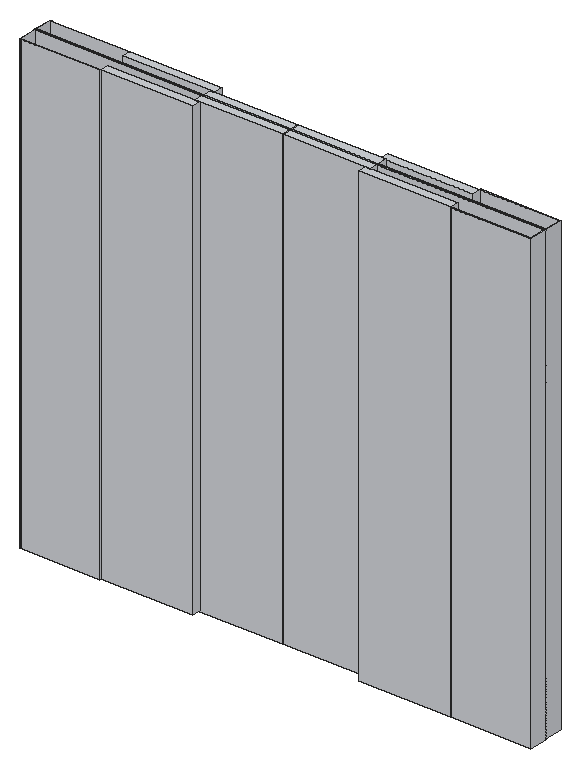
Revit family "АВЛН_Дверь лифта двойная", category Двери, Revit 2019
Family settings
  Основа = Стена
  Всегда вертикально = Да
  При загрузке вырезать с полостями = Нет
  Общий = Нет
  Точка расчета площади = Да
Parameters (values of type "1350х2100h")
  Ширина створки двери = Width / 4 - Зазор_Дверь_ЛевоПраво  # 375 mm
  Функция = Внутренние слои
  Углубление [instance] = if(AR_Углубление > 0 mm, AR_Углубление, 5 mm)  # 40 mm
  Толщина = Полотно.Толщина  # 40 mm
  Стандарт = ""
  Полотно.Ширина = Rough Width - Коробка. Высота * 2  # -2600 mm
  Полотно.Рама.Низ.Ширина = 800 mm
  Полотно.Толщина = 40 mm
  Описание = "D"
  Огнестойкость = "-"
  Материал полотна = none
  Материал коробки = none
  Марка экземпляра [instance] = "Д-"
  Коробка. Высота = Height + Зазор_Дверь_Верх  # 2200 mm
  Assembly Code = ""
  Каталог = ""
  Width = 1800 mm
  Зазор_Дверь_ЛевоПраво = 75 mm
  Зазор_Дверь_Верх = 50 mm
  Видимость_Коробка [instance] = no
  Видимость_Дверь [instance] = yes
  Видимость_AR_Углубление [instance] = AR_Углубление > 0 mm  # yes
  Аналитическая конструкция = "<Нет>"
  URL = ""
  Type Comments = ""
  Rough Width = Width  # 1800 mm
  Rough Height = Height  # 2150 mm
  Группа модели = "Дверь в стене"
  Замыкание стены = По основе
  Height = 2150 mm
  BS_Проем_Ширина [instance] = Width  # 1800 mm
  BS_Проем_Площадь_ для отделки [instance] = Width * Height  # 3.87 m²
  BS_Проем_Высота [instance] = Height  # 2150 mm
  AR_Углубление [instance] = 40 mm
  AR_Толщина стены [instance] = 160 mm
  AR_Отметка от плиты [instance] = Height + Углубление  # 2190 mm
Types (2, lengths in mm): name | Ширина створки двери | Полотно.Ширина | Width | Видимость_Коробка | Type Comments | Rough Width | BS_Проем_Ширина | BS_Проем_Площадь_ для отделки
  1350х2100h | 375 | -2600 | 1800 | no | "" | 1800 | 1800 | 3.87 m²
  1350х2150h | 262.5 | -3050 | 1350 | yes | "Дверь лифта" | 1350 | 1350 | 2.9025 m²
Reference planes
  plane 1 "Центр (Слева/Справа)": x = 0
  plane 2 "Слева": x = -900
  plane 3 "Справа": x = 900
  plane 4 "Снаружи": y = 80
  plane 5 "Изнутри": y = -80
  plane 6 "Уровень": z = 0
  plane 7 "Сверху": z = 2150
  plane 8 "Углубление": z = -40
  plane 9 "Зазор слева": x = -825
  plane 10 "Зазор справа": x = 825
  plane 11 "Зазор сверху": z = 2200
  plane 12 "Смещение порога": z = 0
  plane 13 "Полотно снизу": z = 0
  plane 14 "Центр полотна по вертикали": z = 1025
  plane 15 "2": x = 412.5
  plane 16 "3": x = -412.5
Forms (mm)
  Extrusion 1, void
    sketch origin (0, 190, 0) x (1, 0, 0) y (0, 0, 1)
      loop
        line (-900, -40) -> (900, -40) -> (900, 2200) -> (-900, 2200) -> (-900, -40)
    from 0 to 530
  Extrusion 2, solid, material <- "Материал коробки", visible <- "Видимость_Коробка", detail levels medium+fine
    sketch origin (0, 0, -40) x (0, -1, 0) y (1, 0, 0)
      loop
        line (-80, -900) -> (80, -900) -> (80, 900) -> (-80, 900) -> (-80, -900)
    from 0 to 40 <- "Углубление"
  Extrusion 3, solid, material <- "Материал коробки", visible <- "Видимость_Коробка", detail levels medium+fine
    sketch origin (0, 0, 0) x (1, 0, 0) y (0, 1, 0)
      loop
        line (-825, 80) -> (-900, 80) -> (-900, -80) -> (-825, -80) -> (-825, 80)
    from 0 to 2200 <- "Коробка. Высота"
  Extrusion 4, solid, material <- "Материал коробки", visible <- "Видимость_Коробка", detail levels medium+fine
    sketch origin (740, 0, 0) x (1, 0, 0) y (0, 1, 0)
      loop
        line (160, 80) -> (85, 80) -> (85, -80) -> (160, -80) -> (160, 80)
    from 0 to 2200 <- "Коробка. Высота"
  Extrusion 5, solid, visible <- "Видимость_Коробка", detail levels medium+fine
    sketch origin (0, 0, 2150) x (0, -1, 0) y (1, 0, 0)
      loop
        line (-80, -825) -> (80, -825) -> (80, 825) -> (-80, 825) -> (-80, -825)
    from 0 to 50 <- "Зазор_Дверь_Верх"
  Extrusion 6, solid, material <- "Материал полотна", visible <- "Видимость_Дверь", detail levels medium+fine
    sketch origin (0, 0, 0) x (1, 0, 0) y (0, 1, 0)
      loop
        line (825, -90) -> (392.5, -90) -> (392.5, -130) -> (825, -130) -> (825, -90)
    from 0 to 2150 <- "Height"
  Extrusion 7, solid, material <- "Материал полотна", visible <- "Видимость_Дверь", detail levels medium+fine
    sketch origin (-515.354, -100.175, 0) x (1, 0, 0) y (0, 1, 0)
      loop
        line (927.854, -29.825) -> (515.354, -29.825) -> (515.354, -69.825) -> (927.854, -69.825) -> (927.854, -29.825)
    from 0 to 2150 <- "Height"
  Extrusion 8, solid, material <- "Материал полотна", visible <- "Видимость_Дверь", detail levels medium+fine
    sketch origin (-515.354, -140.175, 0) x (1, 0, 0) y (0, 1, 0)
      loop
        line (927.854, -39.825) -> (515.354, -39.825) -> (515.354, -79.825) -> (927.854, -79.825) -> (927.854, -39.825)
    from 0 to 2150 <- "Height"
  Extrusion 9, solid, material <- "Материал полотна", visible <- "Видимость_Дверь", detail levels medium+fine
    sketch origin (0, -245, 0) x (1, 0, 0) y (0, 1, 0)
      loop
        line (825, 25) -> (392.5, 25) -> (392.5, -15) -> (825, -15) -> (825, 25)
    from 0 to 2150 <- "Height"
  Extrusion 10, solid, visible <- "Видимость_Дверь", detail levels medium+fine
    sketch origin (0, 0, 0) x (1, 0, 0) y (0, 1, 0)
      loop
        line (825, -90) -> (1200, -90) -> (1200, -170) -> (412.5, -170) -> (412.5, -173) -> (1203, -173) -> (1203, -87) -> (825, -87) -> (825, -90)
    from 0 to 2150 <- "Height"
  Extrusion 11, solid, visible <- "Видимость_Дверь", detail levels medium+fine
    sketch origin (0, -400, 0) x (1, 0, 0) y (0, 1, 0)
      loop
        line (825, 140) -> (825, 137) -> (1203, 137) -> (1203, 223) -> (412.5, 223) -> (412.5, 220) -> (1200, 220) -> (1200, 140) -> (825, 140)
    from 0 to 2150 <- "Height"
  Extrusion 12, solid, material <- "Материал полотна", visible <- "Видимость_Дверь", detail levels medium+fine
    sketch origin (0, 0, 0) x (-1, 0, 0) y (0, -1, 0)
      loop
        line (825, 90) -> (825, 130) -> (392.5, 130) -> (392.5, 90) -> (825, 90)
    from 0 to 2150 <- "Height"
  Extrusion 13, solid, material <- "Материал полотна", visible <- "Видимость_Дверь", detail levels medium+fine
    sketch origin (515.354, -100.175, 0) x (-1, 0, 0) y (0, -1, 0)
      loop
        line (927.854, 29.825) -> (927.854, 69.825) -> (515.354, 69.825) -> (515.354, 29.825) -> (927.854, 29.825)
    from 0 to 2150 <- "Height"
  Extrusion 14, solid, material <- "Материал полотна", visible <- "Видимость_Дверь", detail levels medium+fine
    sketch origin (515.354, -140.175, 0) x (-1, 0, 0) y (0, -1, 0)
      loop
        line (927.854, 39.825) -> (927.854, 79.825) -> (515.354, 79.825) -> (515.354, 39.825) -> (927.854, 39.825)
    from 0 to 2150 <- "Height"
  Extrusion 15, solid, material <- "Материал полотна", visible <- "Видимость_Дверь", detail levels medium+fine
    sketch origin (0, -245, 0) x (-1, 0, 0) y (0, -1, 0)
      loop
        line (825, -25) -> (825, 15) -> (392.5, 15) -> (392.5, -25) -> (825, -25)
    from 0 to 2150 <- "Height"
  Extrusion 16, solid, visible <- "Видимость_Дверь", detail levels medium+fine
    sketch origin (0, 0, 0) x (-1, 0, 0) y (0, -1, 0)
      loop
        line (825, 90) -> (825, 87) -> (1203, 87) -> (1203, 173) -> (412.5, 173) -> (412.5, 170) -> (1200, 170) -> (1200, 90) -> (825, 90)
    from 0 to 2150 <- "Height"
  Extrusion 17, solid, visible <- "Видимость_Дверь", detail levels medium+fine
    sketch origin (0, -400, 0) x (-1, 0, 0) y (0, -1, 0)
      loop
        line (825, -140) -> (1200, -140) -> (1200, -220) -> (412.5, -220) -> (412.5, -223) -> (1203, -223) -> (1203, -137) -> (825, -137) -> (825, -140)
    from 0 to 2150 <- "Height"
Text (mm)
  text "Снаружи" at (-2295.016, 399.141, 0), in view "Уровень"
  text "Снуружи" at (0, 295.498, -116.183), in view "Справа"
  text "Положение:\nТочка вставки соответствует пересечению опорных плоскостей.\n\nОтображение:\nДля удобства отображения семейств, при просмотре, рекомендуется скрывать «Категории пояснительных элементов» в меню «Вид -> Видимость/Графика» путем снятия галочки «Показывать категории…»" at (2193.583, -541.207, 0), in view "Уровень"
  text "Снуружи" at (0, 295.498, -116.183), in view "Слева"
Dimensions and locks
  locked: plane 4 "Снаружи" to host wall at 0
  locked: plane 5 "Изнутри" to host wall
  "Width": plane 2 "Слева" to plane 3 "Справа"
  equal spacing: plane 2 "Слева", plane 1 "Центр (Слева/Справа)", plane 3 "Справа"
  "Height": plane 7 "Сверху" to plane 6 "Уровень"
  "AR_Углубление": plane 6 "Уровень" to plane 8 "Углубление"
  plane 2 "Слева" to plane 9 "Зазор слева" = 75 mm
  plane 10 "Зазор справа" to plane 3 "Справа" = 75 mm
  plane 11 "Зазор сверху" to plane 7 "Сверху" = 50 mm
  plane 6 "Уровень" to plane 12 "Смещение порога" = 0 mm
  plane 14 "Центр полотна по вертикали" to plane 13 "Полотно снизу" = 1025 mm
  "AR_Толщина стены": host wall to host wall
  "Зазор_Дверь_ЛевоПраво": plane 2 "Слева" to plane 9 "Зазор слева"
  "Зазор_Дверь_ЛевоПраво": plane 10 "Зазор справа" to plane 3 "Справа"
  "Зазор_Дверь_Верх": plane 7 "Сверху" to plane 11 "Зазор сверху"
  locked: Extrusion 6 sketch curve to plane 5 "Изнутри" at 10
  "Полотно.Толщина": Extrusion 6 sketch curve to Extrusion 6 sketch curve
  "Полотно.Толщина": Extrusion 7 sketch curve to Extrusion 7 sketch curve
  "Полотно.Толщина": Extrusion 8 sketch curve to Extrusion 8 sketch curve
  locked: Extrusion 8 to Extrusion 7 at 10
  "Полотно.Толщина": Extrusion 9 sketch curve to Extrusion 9 sketch curve
  "Ширина створки двери": plane 10 "Зазор справа" to Extrusion 10 sketch curve
  locked: Extrusion 10 sketch curve to Extrusion 10 sketch curve at 3  (x3)
  locked: Extrusion 11 sketch curve to Extrusion 11 sketch curve at 3  (x3)
  "Ширина створки двери": plane 10 "Зазор справа" to Extrusion 11 sketch curve
  equal spacing: plane 1 "Центр (Слева/Справа)", plane 15 "2", plane 10 "Зазор справа"
  Extrusion 9 sketch curve to plane 15 "2" = 20 mm
  Extrusion 6 sketch curve to plane 15 "2" = 20 mm
  equal spacing: plane 9 "Зазор слева", plane 16 "3", plane 1 "Центр (Слева/Справа)"
  "Полотно.Толщина": Extrusion 12 sketch curve to Extrusion 12 sketch curve
  "Полотно.Толщина": Extrusion 13 sketch curve to Extrusion 13 sketch curve
  "Полотно.Толщина": Extrusion 14 sketch curve to Extrusion 14 sketch curve
  locked: Extrusion 14 to Extrusion 13 at 10
  "Полотно.Толщина": Extrusion 15 sketch curve to Extrusion 15 sketch curve
  locked: Extrusion 16 sketch curve to Extrusion 16 sketch curve at 3  (x3)
  locked: Extrusion 17 sketch curve to Extrusion 17 sketch curve at 3  (x3)
  plane 16 "3" to Extrusion 15 sketch curve = 20 mm
  plane 16 "3" to Extrusion 12 sketch curve = 20 mm
  "Ширина створки двери": Extrusion 17 sketch curve to plane 9 "Зазор слева"
  "Ширина створки двери": Extrusion 16 sketch curve to plane 9 "Зазор слева"
  aligned and locked: plane 6 "Уровень" to plane 13 "Полотно снизу"
  aligned and locked: plane 8 "Углубление" to Extrusion 1 sketch curve
  aligned and locked: plane 2 "Слева" to Extrusion 1 sketch curve
  aligned and locked: plane 3 "Справа" to Extrusion 1 sketch curve
  aligned and locked: plane 11 "Зазор сверху" to Extrusion 1 sketch curve
  aligned and locked: Extrusion 2 sketch curve to plane 2 "Слева"
  aligned and locked: plane 3 "Справа" to Extrusion 2 sketch curve
  aligned and locked: Extrusion 2 sketch curve to host wall  (x2)
  aligned and locked: plane 2 "Слева" to Extrusion 3 sketch curve
  aligned and locked: Extrusion 3 sketch curve to plane 4 "Снаружи"
  aligned and locked: plane 5 "Изнутри" to Extrusion 3 sketch curve
  aligned and locked: Extrusion 3 sketch curve to plane 9 "Зазор слева"
  aligned and locked: Extrusion 4 sketch curve to plane 3 "Справа"
  aligned and locked: Extrusion 4 sketch curve to plane 10 "Зазор справа"
  aligned and locked: host wall to Extrusion 4 sketch curve  (x2)
  aligned and locked: Extrusion 5 sketch curve to plane 9 "Зазор слева"
  aligned and locked: Extrusion 5 sketch curve to plane 10 "Зазор справа"
  aligned and locked: Extrusion 5 sketch curve to host wall  (x2)
  aligned and locked: plane 10 "Зазор справа" to Extrusion 6 sketch curve
  aligned and locked: Extrusion 7 to Extrusion 6
  aligned and locked: Extrusion 9 to Extrusion 8
  aligned and locked: plane 10 "Зазор справа" to Extrusion 9 sketch curve
  aligned and locked: Extrusion 10 sketch curve to Extrusion 6
  aligned and locked: Extrusion 7 to Extrusion 10 sketch curve
  aligned and locked: plane 10 "Зазор справа" to Extrusion 10 sketch curve
  aligned and locked: Extrusion 8 to Extrusion 11 sketch curve
  aligned and locked: Extrusion 11 sketch curve to Extrusion 9
  aligned and locked: Extrusion 11 sketch curve to plane 10 "Зазор справа"
  aligned and locked: Extrusion 8 sketch curve to plane 1 "Центр (Слева/Справа)"
  aligned and locked: plane 15 "2" to Extrusion 8 sketch curve
  aligned and locked: Extrusion 7 sketch curve to plane 1 "Центр (Слева/Справа)"
  aligned and locked: Extrusion 12 to Extrusion 13
  aligned and locked: Extrusion 14 to Extrusion 15
  aligned and locked: Extrusion 16 sketch curve to Extrusion 12
  aligned and locked: Extrusion 13 to Extrusion 16 sketch curve
  aligned and locked: Extrusion 14 to Extrusion 17 sketch curve
  aligned and locked: Extrusion 17 sketch curve to Extrusion 15
  aligned and locked: Extrusion 13 sketch curve to plane 1 "Центр (Слева/Справа)"
  aligned and locked: plane 16 "3" to Extrusion 13 sketch curve
  aligned and locked: Extrusion 14 to plane 16 "3"
  aligned and locked: plane 1 "Центр (Слева/Справа)" to Extrusion 14
  aligned and locked: plane 9 "Зазор слева" to Extrusion 15
  aligned and locked: plane 9 "Зазор слева" to Extrusion 12
  aligned and locked: Extrusion 12 to Extrusion 15
  aligned and locked: Extrusion 16 to plane 9 "Зазор слева"
  aligned and locked: Extrusion 17 to plane 9 "Зазор слева"
  aligned and locked: Extrusion 16 to Extrusion 12
  aligned and locked: plane 16 "3" to Extrusion 17
  aligned and locked: plane 16 "3" to Extrusion 16
  aligned and locked: Extrusion 17 to Extrusion 12
  aligned and locked: Extrusion 15 to Extrusion 16
  aligned and locked: plane 15 "2" to Extrusion 7 sketch curve
Automatic sketch dimensions
  host wall to Extrusion 7 sketch curve = 90 mm
  host wall to Extrusion 8 sketch curve = 140 mm
  Extrusion 9 sketch curve to plane 15 "2" = 20 mm
  host wall to Extrusion 9 sketch curve = 180 mm
  Extrusion 12 sketch curve to plane 9 "Зазор слева" = 0 mm
  Extrusion 12 sketch curve to host wall = 50 mm
  Extrusion 13 sketch curve to host wall = 90 mm
  Extrusion 14 sketch curve to plane 1 "Центр (Слева/Справа)" = 0 mm
  Extrusion 14 sketch curve to plane 16 "3" = 0 mm
  Extrusion 14 sketch curve to host wall = 140 mm
  Extrusion 15 sketch curve to plane 9 "Зазор слева" = 0 mm
  Extrusion 15 sketch curve to host wall = 180 mm
  Extrusion 10 sketch curve to plane 15 "2" = 0 mm
  Extrusion 11 sketch curve to plane 15 "2" = 0 mm
  Extrusion 16 sketch curve to plane 16 "3" = 0 mm
  Extrusion 16 sketch curve to plane 9 "Зазор слева" = 0 mm
  Extrusion 17 sketch curve to plane 16 "3" = 0 mm
  Extrusion 17 sketch curve to plane 9 "Зазор слева" = 0 mm
